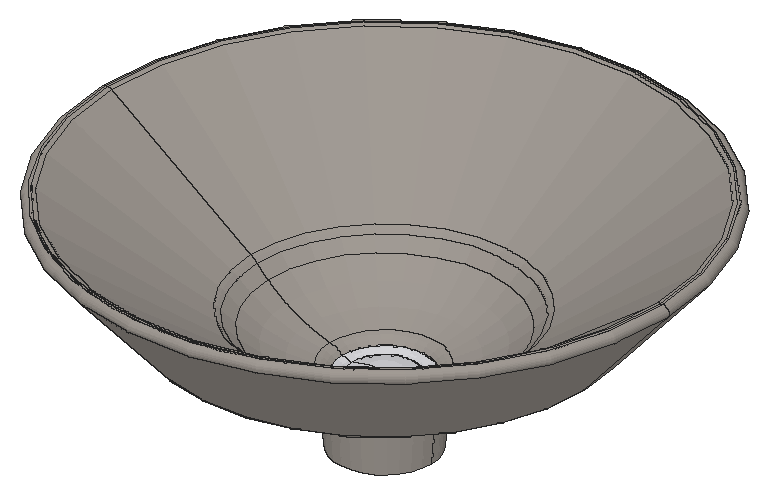
Revit family "Sink-Vessel-Lavatory-KOHLER-Conical_Bell-K-45922_1", category Plumbing Fixtures, host Face, Revit 2017
Family settings
  Host = Face
  Round Connector Dimension = Use Diameter
  Part Type = Normal
  OmniClass Number = 23.31.13.00
  OmniClass Title = Sinks
  Cut with Voids When Loaded = No
  Shared = No
  Room Calculation Point = No
Parameters (values of type "K5-Translucent_Cashmere")
  Width = 16 67/256"  # constant formula
  WaterSense Certified = 1 = 0  # no
  Waste Water Outlet = "Waste Water Outlet"  # constant formula
  Waste Connection = 1 = 1  # yes
  Vent Connection = 1 = 0  # no
  URL = "https://www.us.kohler.com/us/"
  Type = 1
  Product Page URL = "https://www.us.kohler.com/us/catalog/productDetails.jsp?productId=45922-DE"
  Product Name = "Conical Bell"  # constant formula
  Product Documentation Link = "https://www.us.kohler.com/webassets/kpna/catalog/pdf/en/K-45922-DE_spec_US-CA_Kohler_en.pdf"
  Model = "K-45922-DE-K5\r\n"  # constant formula
  Material = "Vitreous China"  # constant formula
  Master Format 2014 Name = "Residential Lavatories and Sinks"  # constant formula
  Master Format 2014 = "22 41 16"  # constant formula
  Manufacturer Address = "KOHLER Co.\n444 Highland Dr.\nKohler, WI 53044"  # constant formula
  Manufacturer = "KOHLER Co."  # constant formula
  Length = 16 67/256"  # constant formula
  Hot Water Inlet = "Hot Water Inlet"  # constant formula
  Height = 6 97/256"  # constant formula
  HW Connection = 1 = 0  # no
  Finish = Kohler-Vitreous_China-K5-Translucent_Cashmere
  Environmental Product Declaration = ""
  Drain Included = 1 = 0  # no
  Description = "Vessel bathroom sink"  # constant formula
  Default Elevation = 36"
  Declare Label = ""
  Date Modified = "02/08/2021"  # constant formula
  Date Created = "02/08/2021"  # constant formula
  Copyright = "Copyright KOHLER Co."  # constant formula
  Contact Us = "https://www.us.kohler.com/us/static/contact.jsp"
  Cold Water Inlet = "Cold Water Inlet"  # constant formula
  CW Connection = 1 = 0  # no
  Assembly Code = "D2010400"
  ADA Compliant = 1 = 1  # yes
Reference planes (in)
  plane 1 "Center (Front/Back)": y = 0
  plane 2: z = 0
  plane 3 "Center (Left/Right)": x = 0
  plane 4: z = 2.99213
  plane 5: z = -3.38678
  plane 6: y = 10
  plane 7: y = 8.12992
  plane 8: x = 8.12992
  plane 9: x = -8.1318
  plane 10: y = -8.1318
Forms (in)
  Extrusion 1, void
    sketch origin (0, 0, 0) x (1, 0, 0) y (0, 1, 0)
      loop
        circle (0, 0) r 4.92126
    from -3.38583 to 0
Dimensions and locks (in)
  "Height": plane 4 to plane 5
  plane 4 to plane 2 = 2.99213"
  plane 6 to plane 1 "Center (Front/Back)" = 10"
  "Width": plane 9 to plane 8
  "Length": plane 10 to plane 7
  aligned and locked: plane 2 to host face
  aligned and locked: level to host face
Automatic sketch dimensions
  host sketch curve to host sketch curve = 96"  (x2)
  plane 1 "Center (Front/Back)" to Extrusion 1 sketch curve = 0"
  Extrusion 1 sketch curve to plane 3 "Center (Left/Right)" = 0"
  radius of Extrusion 1 sketch curve = 4.92126"
Nested families (in)
  nested 1: "K-45922" at (0, 0, -3.38583), type "K-45922"
Connectors (in)
  piping at (0, 0, -3.38583), diameter 1.25, driven by "Waste Connection", driven by "Waste Water Outlet"
    settings: on nested 1, index 1, connector inside diameter 24", connector length 0", flow factor 0, pipe flow 0 GPM, pressure drop 0.00 psi, fitting loss kfactor 0, connector angle 0.00°, fixture units 0, engagement length 0", angle of deflection 0.00°, flow configuration 0, flow direction 2, fitting loss method 0, system type 16, joint type 0, gender type 0, connector reference index -1, connector utility 1, adjustable connector no, is connector primary yes, connector description "Waste Water Outlet"
Definition of nested family "K-45922"
  Parameters (values of type "K-45922")
    Material = none
  Reference planes (in)
    plane 1 "Center (Front/Back)": y = 0
    plane 2: z = 0
    plane 3 "Center (Left/Right)": x = 0
    plane 4: y = 8.12992
    plane 5: y = -8.12992
    plane 6: x = 8.12992
    plane 7: x = -8.12992
    plane 8: z = 6.37795
    plane 9: z = 3.38583
  Forms (in)
    Revolve 1, solid, material <- "Material", detail levels medium+fine
      sketch origin (0, 0, 0) x (1, 0, 0) y (0, 0, 1)
        loop
          arc (7.87831, 6.37795) -> (7.8166, 6.36831) -> (7.76078, 6.34032) r 0.20233
          line (7.76078, 6.34032) -> (3.80896, 3.52014)
          arc (3.80896, 3.52014) -> (3.71623, 3.44582) -> (3.63233, 3.36166) r 1.06674
          arc (3.63233, 3.36166) -> (3.48213, 3.20029) -> (3.32511, 3.04555) r 5.11723
          arc (3.32511, 3.04555) -> (2.49955, 2.44484) -> (1.54913, 2.07188) r 4.01342
          arc (1.54913, 2.07188) -> (1.21326, 1.86222) -> (1.06291, 1.49594) r 0.64566
          line (1.06291, 1.49594) -> (1.06291, 0.59055) -> (0, 0.59055) -> (0, 0) -> (1.34493, 0) -> (1.45542, 1.4161)
          arc (1.45542, 1.4161) -> (1.51409, 1.55904) -> (1.64516, 1.64085) r 0.25196
          arc (1.64516, 1.64085) -> (2.77765, 2.10045) -> (3.74037, 2.85341) r 4.40712
          line (3.74037, 2.85341) -> (4.09639, 3.22207)
          arc (4.09639, 3.22207) -> (4.27262, 3.34319) -> (4.48216, 3.38583) r 0.53629
          line (4.48216, 3.38583) -> (5.63666, 3.38583)
          arc (5.63666, 3.38583) -> (5.6812, 3.39541) -> (5.71787, 3.42245) r 0.10834
          line (5.71787, 3.42245) -> (8.06598, 6.08154)
          arc (8.06598, 6.08154) -> (8.09488, 6.27293) -> (7.93229, 6.37795) r 0.17835
          line (7.93229, 6.37795) -> (7.87831, 6.37795)
        axis (0, 6.37795) -> (0, 0)
      angle from 0 to 360
    Revolve 2, solid, detail levels medium+fine
      sketch origin (0, 0, 0) x (1, 0, 0) y (0, 0, 1)
        loop
          line (0, 1.41878) -> (0, 1.93165)
          arc (0, 1.93165) -> (-0.45322, 1.90002) -> (-0.89765, 1.80572) r 3.26224
          arc (-0.89765, 1.80572) -> (-0.90727, 1.79092) -> (-0.89395, 1.77933) r 0.01345
          line (-0.89395, 1.77933) -> (-0.47341, 1.77933) -> (-0.47341, 1.64604) -> (-0.92435, 1.64604) -> (-0.95196, 1.7491)
          arc (-0.95196, 1.7491) -> (-1.06293, 1.83403) -> (-1.19767, 1.8711) r 0.36541
          arc (-1.19767, 1.8711) -> (-1.22863, 1.84821) -> (-1.21046, 1.81426) r 0.02944
          line (-1.21046, 1.81426) -> (-1.05016, 1.75273)
          arc (-1.05016, 1.75273) -> (-1.00292, 1.71648) -> (-0.98304, 1.66034) r 0.10483
          line (-0.98304, 1.66034) -> (-0.97038, 1.41878) -> (0, 1.41878)
        axis (0, 1.93165) -> (0, 1.41878)
      angle from 0 to 360
    Revolve 3, solid, material <- "Material", detail levels coarse
      sketch origin (0, 0, 0) x (1, 0, 0) y (0, 0, 1)
        loop
          line (4.48216, 3.38583) -> (5.68553, 3.38583) -> (8.06479, 6.08019) -> (8.06479, 6.37563) -> (7.82211, 6.37563)
          arc (7.82211, 6.37563) -> (6.15716, 4.99686) -> (4.37078, 3.77953) r 23.13378
          line (4.37078, 3.77953) -> (1.04722, 1.73529)
          arc (1.04722, 1.73529) -> (0.74997, 1.60483) -> (0.42843, 1.56022) r 1.1811
          line (0.42843, 1.56022) -> (0, 1.56022) -> (0, 0) -> (1.34493, 0) -> (1.46428, 1.5296) -> (4.48216, 3.38583)
        axis (0, 6.37563) -> (0, 0)
      angle from 0 to 360
  Lines and regions (in)
    Masking region 1
      outline origin (0, 0, 0) x (1, 0, 0) y (0, 1, 0)
        loop
          circle (0, 0) r 8.11024
    Masking region 2
      outline origin (0, 0, 0) x (1, 0, 0) y (0, 0, 1)
        loop
          line (4.48216, 3.38583) -> (5.63666, 3.38583)
          arc (5.63666, 3.38583) -> (5.6812, 3.39541) -> (5.71787, 3.42245) r 0.10834
          line (5.71787, 3.42245) -> (8.06598, 6.08154)
          arc (8.06598, 6.08154) -> (8.09488, 6.27293) -> (7.93229, 6.37795) r 0.17835
          line (7.93229, 6.37795) -> (-7.93229, 6.37795)
          arc (-7.93229, 6.37795) -> (-8.09488, 6.27293) -> (-8.06598, 6.08154) r 0.17835
          line (-8.06598, 6.08154) -> (-5.71787, 3.42245)
          arc (-5.71787, 3.42245) -> (-5.6812, 3.39541) -> (-5.63666, 3.38583) r 0.10834
          line (-5.63666, 3.38583) -> (-4.48216, 3.38583)
          arc (-4.48216, 3.38583) -> (-4.27262, 3.34319) -> (-4.09639, 3.22207) r 0.53629
          line (-4.09639, 3.22207) -> (-3.74037, 2.85341)
          arc (-3.74037, 2.85341) -> (-2.77765, 2.10045) -> (-1.64516, 1.64085) r 4.40712
          arc (-1.64516, 1.64085) -> (-1.51409, 1.55904) -> (-1.45542, 1.4161) r 0.25196
          line (-1.45542, 1.4161) -> (-1.34493, 0) -> (1.34493, 0) -> (1.45542, 1.4161)
          arc (1.45542, 1.4161) -> (1.51409, 1.55904) -> (1.64516, 1.64085) r 0.25196
          arc (1.64516, 1.64085) -> (2.77765, 2.10045) -> (3.74037, 2.85341) r 4.40712
          line (3.74037, 2.85341) -> (4.09639, 3.22207)
          arc (4.09639, 3.22207) -> (4.27262, 3.34319) -> (4.48216, 3.38583) r 0.53629
    Masking region 3
      outline origin (0, 0, 0) x (0, 1, 0) y (0, 0, 1)
        loop
          arc (-4.48175, 3.38583) -> (-4.27221, 3.34319) -> (-4.09598, 3.22207) r 0.53629
          line (-4.09598, 3.22207) -> (-3.73996, 2.85341)
          arc (-3.73996, 2.85341) -> (-2.77724, 2.10045) -> (-1.64475, 1.64085) r 4.40712
          arc (-1.64475, 1.64085) -> (-1.51368, 1.55904) -> (-1.45501, 1.4161) r 0.25196
          line (-1.45501, 1.4161) -> (-1.34452, 0) -> (1.34535, 0) -> (1.45583, 1.4161)
          arc (1.45583, 1.4161) -> (1.5145, 1.55904) -> (1.64557, 1.64085) r 0.25196
          arc (1.64557, 1.64085) -> (2.77807, 2.10045) -> (3.74079, 2.85341) r 4.40712
          line (3.74079, 2.85341) -> (4.0968, 3.22207)
          arc (4.0968, 3.22207) -> (4.27303, 3.34319) -> (4.48258, 3.38583) r 0.53629
          line (4.48258, 3.38583) -> (5.63707, 3.38583)
          arc (5.63707, 3.38583) -> (5.68162, 3.39541) -> (5.71828, 3.42245) r 0.10834
          line (5.71828, 3.42245) -> (8.0664, 6.08154)
          arc (8.0664, 6.08154) -> (8.09529, 6.27293) -> (7.93271, 6.37795) r 0.17835
          line (7.93271, 6.37795) -> (-7.93188, 6.37795)
          arc (-7.93188, 6.37795) -> (-8.09446, 6.27293) -> (-8.06557, 6.08154) r 0.17835
          line (-8.06557, 6.08154) -> (-5.71746, 3.42245)
          arc (-5.71746, 3.42245) -> (-5.68079, 3.39541) -> (-5.63625, 3.38583) r 0.10834
          line (-5.63625, 3.38583) -> (-4.48175, 3.38583)
    symbolic lines
      curve 1: circle (0, 0, 0) r 7.87402 normal (0, 0, 1)
      curve 4: circle (0, 0, 0) r 1.34493 normal (0, 0, 1)
    symbolic lines, detail levels medium+fine
      curve 2: circle (0, 0, 0) r 4.92126 normal (0, 0, 1)
      curve 3: circle (0, 0, 0) r 1.06291 normal (0, 0, 1)
      curve 5: line (-4.48216, 0, 3.38583) -> (4.48216, 0, 3.38583)
      curve 6: line (0, 4.48258, 3.38583) -> (0, -4.48175, 3.38583)
      curve 7: arc (0, -1.64475, 1.64085) -> (0, 0.00041, 1.41878) -> (0, 1.64557, 1.64085) r 6.2048
      curve 8: arc (-1.64516, 0, 1.64085) -> (0, 0, 1.41878) -> (1.64516, 0, 1.64085) r 6.2048
  Dimensions and locks (in)
    plane 8 to plane 2 = 6.37795"
    plane 8 to plane 9 = 2.99213"
    plane 4 to plane 5 = 16.25984"
    plane 7 to plane 6 = 16.25984"
    aligned and locked: plane 2 to level
